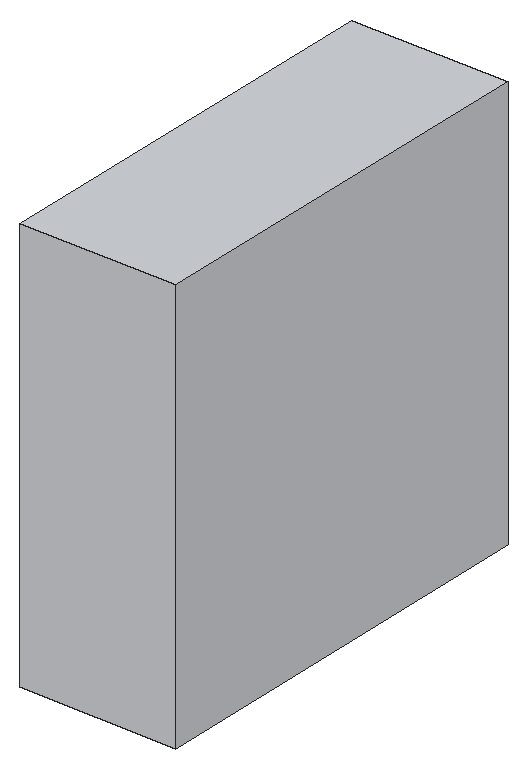
Revit family "Fire Smoke - Rectangular", category Duct Accessories, Revit 2017
Family settings
  Round Connector Dimension = Use Diameter
  Part Type = Damper
  OmniClass Number = 23.75.70.11.14.14
  OmniClass Title = Dampers for Air Ductwork
  Work Plane-Based = No
  Always vertical = Yes
  Cut with Voids When Loaded = No
  Shared = No
Parameters (values of type "Design to Fab")
  Width 2 = 2 / 3 * Length 1  # 0' - 1.8"
  Width 1 [instance] = Damper Width + 0' 0 1/8"  # 1' - 4 1/8"
  Radius 1 = 0.3 * Width 2  # 0' - 0.54"
  Length 1 = 0.45 * Damper Length  # 0' - 2.7"
  Pressure Drop [instance] = 0.00 in-wg
  Duct Width [instance] = 12"
  Duct Height [instance] = 12"
  Damper Width [instance] = Duct Width + 0' 4"  # 1' - 4"
  Damper Material = none
  Damper Length = 0' - 6"
  Damper Height [instance] = Duct Height + 0' 4"  # 1' - 4"
Reference planes (in)
  plane 1 "Center (Front/Back)": y = 0
  plane 2: z = 0
  plane 3 "Center (Left/Right)": x = 0
  plane 4: x = -3
  plane 5: x = 3
  plane 6: y = 8
  plane 7: y = -8
  plane 8: z = 8
  plane 9: z = -8
  plane 10: y = 9.8
  plane 11: x = -1.35
  plane 12: x = 1.35
  plane 13: z = 0.9
  plane 14: z = -0.9
Forms (in)
  Extrusion 1, solid, material <- "Damper Material", detail levels fine
    sketch origin (0, 0, 0) x (1, 0, 0) y (0, 1, 0)
      loop
        line (-3, 8) -> (-3, -8) -> (3, -8) -> (3, 8) -> (-3, 8)
    from -8 to 8
  Extrusion 2, solid, material <- "Damper Material", detail levels fine
    sketch origin (0, 0, 0) x (1, 0, 0) y (0, 1, 0)
      loop
        line (-1.35, 9.8) -> (-1.35, 8) -> (1.35, 8) -> (1.35, 9.8) -> (-1.35, 9.8)
    from -0.9 to 0.9
  Extrusion 3, solid, material <- "Damper Material", detail levels coarse+medium
    sketch origin (0, 0, 0) x (1, 0, 0) y (0, 1, 0)
      loop
        line (-3, 8) -> (-3, -8) -> (3, -8) -> (3, 8) -> (-3, 8)
    from -8 to 8
Lines and regions (in)
  symbolic lines, detail levels coarse+medium
    curve 1: line (-3, 8, 0) -> (3, 8, 0)
    curve 2: line (-3, -8, 0) -> (-3, 8, 0)
    curve 3: line (3, -8, 0) -> (-3, -8, 0)
    curve 4: line (3, 8, 0) -> (3, -8, 0)
    curve 5: line (-1.35, 9.8, 0) -> (-1.35, 8, 0)
    curve 6: line (1.35, 9.8, 0) -> (1.35, 8, 0)
    curve 7: line (-1.35, 9.8, 0) -> (1.35, 9.8, 0)
Dimensions and locks (in)
  equal spacing: plane 4, plane 3 "Center (Left/Right)", plane 5
  "Damper Length": plane 4 to plane 5
  equal spacing: plane 6, plane 1 "Center (Front/Back)", plane 7
  "Damper Width": plane 6 to plane 7
  equal spacing: plane 8, plane 2, plane 9
  "Damper Height": plane 8 to plane 9
  "Width 2": plane 10 to plane 6
  equal spacing: plane 11, plane 3 "Center (Left/Right)", plane 12
  "Length 1": plane 11 to plane 12
  equal spacing: plane 13, plane 2, plane 14
  "Width 2": plane 13 to plane 14
  aligned and locked: plane 4 to Extrusion 1 sketch curve
  aligned and locked: Extrusion 1 sketch curve to plane 6
  aligned and locked: plane 7 to Extrusion 1 sketch curve
  aligned and locked: Extrusion 1 sketch curve to plane 5
  aligned and locked: Extrusion 1 to plane 9
  aligned and locked: plane 8 to Extrusion 1
  aligned and locked: plane 11 to Extrusion 2 sketch curve
  aligned and locked: Extrusion 2 sketch curve to plane 10
  aligned and locked: plane 6 to Extrusion 2 sketch curve
  aligned and locked: Extrusion 2 sketch curve to plane 12
  aligned and locked: Extrusion 2 to plane 14
  aligned and locked: plane 13 to Extrusion 2
  aligned and locked: plane 4 to curve 1
  aligned and locked: curve 1 to plane 6
  aligned and locked: plane 7 to curve 4
  aligned and locked: curve 4 to plane 5
  aligned and locked: plane 6 to curve 5
  aligned and locked: plane 10 to curve 6
  aligned and locked: plane 10 to curve 5
  aligned and locked: curve 5 to plane 11
  aligned and locked: curve 6 to plane 12
  aligned and locked: plane 4 to Extrusion 3 sketch curve
  aligned and locked: Extrusion 3 sketch curve to plane 6
  aligned and locked: plane 7 to Extrusion 3 sketch curve
  aligned and locked: Extrusion 3 sketch curve to plane 5
  aligned and locked: Extrusion 3 to plane 9
  aligned and locked: plane 8 to Extrusion 3
Connectors (in)
  hvac at (-3, 0, 0), driven by "Duct Height", driven by "Duct Width", driven by "Pressure Drop"
    settings: on Extrusion 1, index 1, duct flow 0 CFM, flow factor 0, pres drop 0.00 in-wg, loss coef 0, conn angle 0.00°, conn width 12", conn height 12", conn diameter 24", duct sys type 29, conn prof type 1, flow config 0, flow direction 0, loss method 4, conn ref index 2, conn util no, is conn primary yes, conn desc ""
  hvac at (3, 0, 0), driven by "Duct Height", driven by "Duct Width"
    settings: on Extrusion 1, index 2, duct flow 0 CFM, flow factor 0, pres drop 0.00 in-wg, loss coef 0, conn angle 0.00°, conn width 12", conn height 12", conn diameter 24", duct sys type 29, conn prof type 1, flow config 0, flow direction 0, loss method 4, conn ref index 1, conn util no, is conn primary no, conn desc ""
